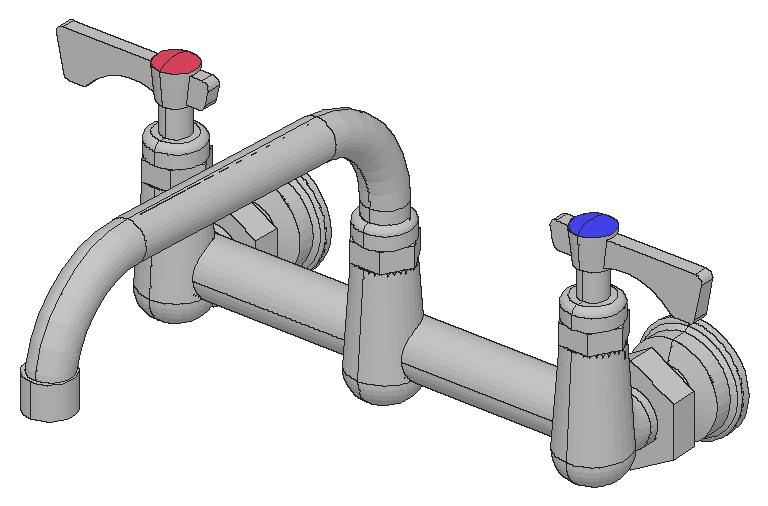
Revit family "Krowne_14-808L_WallMount_Faucet", category Plumbing Fixtures, Revit 2018
Family settings
  Round Connector Dimension = Use Diameter
  Part Type = Normal
  OmniClass Number = 23.40.40.00
  OmniClass Title = Food Service Equipment and Furnishings
  Work Plane-Based = No
  Always vertical = Yes
  Cut with Voids When Loaded = No
  Shared = No
  Room Calculation Point = No
Parameters (values of type "DefaultType")
  Width = 12"
  Weight in Pounds = 5
  Watermarked By = ""
  Waste Water Discharge Temperature [instance] = -459.67 °F
  URL Cutsheet = ""
  URL = "https://krowne.com/"
  Status [instance] = ""
  Specification by User [instance] = ""
  Specification by Manufacturer [instance] = ""
  Serial Number [instance] = ""
  Revision Code [instance] = ""
  Plumbing Remarks [instance] = ""
  Plumbing Connection Type = ""
  NAFEM Spec ID Number [instance] = ""
  Model = "14-808L"
  Masterspec [instance] = ""
  Manufacturer = "Krowne Metal"
  KCLRef = "KCL2C9,,0004c578-0000-0000-0000-000000000307,KR,14-808L ,637099801200000000,209e63ac-2424-466f-b621-ebc552f7c966,dda6812b-d105-4dc8-a279-4d678a7b0286"
  KCL SpecSheet URL = "http://kclweb.kclcad.com/imagehandler.ashx?kdoc=14-8xx&R=KR&M=14-808L%20&VC=7&TID=KCLWeb&T=doc"
  Item Number [instance] = "-"
  Installed By [instance] = ""
  Hot Water Temperature = 100 °F
  Hot Water Size = 1/2"
  Hot Water RI Height [instance] = 0"
  Hot Water Minimum Pressure = 0.00 psi
  Hot Water Maximum Pressure = 0.00 psi
  Hot Water Flow = 1.8 GPM
  Hot Water Consumption = 0 GPM
  Hot Water Connection Height = 0"
  Height = 3 15/16"
  Furnished By [instance] = ""
  Foodservice Equipment Identifier = yes
  Description = "Wall Mount Faucet"
  Depth = 1 7/8"
  Cold Water Temperature Recommended = -459.67 °F
  Cold Water Size = 1/2"
  Cold Water RI Height [instance] = 0"
  Cold Water Minimum Pressure = 0.00 psi
  Cold Water Maximum Pressure = 0.00 psi
  Cold Water Flow = 1.8 GPM
  Cold Water Consumption = ""
  Cold Water Connection Height = 0"
  CSI MasterFormat = ""
  Assembly Code = "E1090300"
Reference planes
  plane 1 "BACK": y = 0
  plane 2: z = 0
  plane 3 "LEFT": x = -471.569
  plane 4 "RIGHT": x = -166.769
  plane 5 "TOP": z = 100.013
  plane 6 "CENTER L/R": x = -319.169
  plane 7 "Top of Body": z = 44.45
  plane 8: y = -62.38
  plane 9: z = 166.688
  plane 10: z = 104.775
  plane 11: y = -266.7
Forms (mm)
  Sweep 1, solid, material "QF_Stainless-Polished"
    path origin (-319.169, 0, 0) x (0, 1, 0) y (0, 0, 1)
      loop
        line (-62.38, 44.45) -> (-62.38, 106.061)
        arc (-62.38, 106.061) -> (-74.547, 136.617) -> (-104.388, 150.444) r 44.45
        line (-104.388, 150.444) -> (-219.808, 156.794)
        arc (-219.808, 156.794) -> (-252.805, 144.694) -> (-266.7, 112.411) r 44.45
        line (-266.7, 112.411) -> (-266.7, 104.775)
    profile origin (-319.169, -62.38, 75.256) x (0, -1, 0) y (1, 0, 0)
      loop
        circle (0, 0) r 9.525
      loop
        circle (0, 0) r 6.35
  Extrusion 2, solid, material "QF_Stainless-Polished"
    sketch origin (-319.169, -266.7, 104.775) x (0, -1, 0) y (-1, 0, 0)
      loop
        circle (0, 0) r 9.525
      loop
        circle (0, 0) r 11.113
    from 0 to -15.875
Lines and regions (mm)
  symbolic lines
    curve 1: arc (-319.169, -71.905, 0) -> (-328.694, -62.38, 0) -> (-319.169, -52.855, 0) r 9.525
    curve 2: arc (-319.169, -52.855, 0) -> (-309.644, -62.38, 0) -> (-319.169, -71.905, 0) r 9.525
    curve 3: arc (-328.694, -266.7, 0) -> (-325.905, -273.435, 0) -> (-319.169, -276.225, 0) r 9.525
    curve 4: arc (-319.169, -276.225, 0) -> (-312.434, -273.435, 0) -> (-309.644, -266.7, 0) r 9.525
    curve 5: line (-328.694, -266.7, 0) -> (-328.694, -62.38, 0)
    curve 6: line (-309.644, -62.38, 0) -> (-309.644, -266.7, 0)
Dimensions and locks
  "Width": plane 3 "LEFT" to plane 4 "RIGHT"
  "Height": plane 5 "TOP" to plane 2
  plane 7 "Top of Body" to level = 1 3/4"
  equal spacing: plane 3 "LEFT", plane 6 "CENTER L/R", plane 4 "RIGHT"
  plane 11 to plane 1 "BACK" = 10 1/2"
  plane 10 to plane 5 "TOP" = 3/16"
  plane 9 to plane 5 "TOP" = 2 5/8"
  aligned and locked: level to plane 2
  aligned and locked: plane 8 to Sweep 1 sketch curve
  aligned and locked: Sweep 1 sketch curve to plane 11
  aligned and locked: plane 10 to Sweep 1 sketch curve
Automatic sketch dimensions
  curve 3 to curve 4 = 0"
  plane 11 to curve 5 = 0"
  plane 8 to curve 5 = 0"
  curve 1 to plane 6 "CENTER L/R" = 0"
  plane 8 to curve 6 = 0"
  plane 8 to curve 1 = 0"
  curve 5 to curve 3 = 3/8"
  Sweep 1 sketch curve to Sweep 1 sketch curve = 0"  (x2)
  Sweep 1 sketch curve to plane 6 "CENTER L/R" = 0"
  Sweep 1 sketch curve to profile plane = 0"
  Sweep 1 sketch curve to plane 7 "Top of Body" = 0"
  plane 10 to Sweep 1 sketch curve = 0.30065"
  Sweep 1 sketch curve to plane 9 = 0.3895"
  Sweep 1 sketch curve to Sweep 1 sketch curve = 0.09613"
  plane 10 to Sweep 1 sketch curve = 0.05065"
  Sweep 1 sketch curve to Sweep 1 sketch curve = 1 3/4"
  Sweep 1 sketch curve to plane 9 = 0.6395"
  radius of Extrusion 2 sketch curve to Sweep 1 = 0"
  radius of Sweep 1 to Extrusion 2 sketch curve = 1/16"
  radius of Sweep 1 sketch curve = 3/8"
  radius of Sweep 1 sketch curve = 1/4"
Nested families
  nested 1: "QF_Krowne_14-8_Body" at (-4.763, 0, 0), type "QF_Krowne_14-8_Body"
Connectors
  piping at (-420.769, 6.35, 37.306), diameter 12.7, driven by "Hot Water Flow", driven by "Hot Water Size"
    settings: on nested 1, index 1, connector inside diameter 24", connector length 0", flow factor 0, pipe flow 1.8 GPM, pressure drop 0.00 psi, fitting loss kfactor 0, connector angle 0.00°, fixture units 0, engagement length 0", angle of deflection 0.00°, flow configuration 1, flow direction 1, fitting loss method 0, system type 19, joint type 0, gender type 0, connector reference index -1, connector utility 0, adjustable connector no, is connector primary yes, connector description "HOT WATER"
  piping at (-217.569, 6.35, 37.306), diameter 12.7, driven by "Cold Water Flow", driven by "Cold Water Size"
    settings: on nested 1, index 2, connector inside diameter 24", connector length 0", flow factor 0, pipe flow 1.8 GPM, pressure drop 0.00 psi, fitting loss kfactor 0, connector angle 0.00°, fixture units 0, engagement length 0", angle of deflection 0.00°, flow configuration 1, flow direction 1, fitting loss method 0, system type 20, joint type 0, gender type 0, connector reference index -1, connector utility 0, adjustable connector no, is connector primary no, connector description "COLD WATER"
Definition of nested family "QF_Krowne_14-8_Body"
  Parameters (values of type "QF_Krowne_14-8_Body")
    Width = 12 3/8"
    Watermarked By = ""
    Height = 3 7/8"
    Description = ""
    Depth = 4 15/16"
  Reference planes
    plane 1 "BACK": y = 0
    plane 2: z = 0
    plane 3 "LEFT": x = -471.569
    plane 4 "RIGHT": x = -157.244
    plane 5 "TOP": z = 128.588
    plane 6 "Center": x = -314.407
    plane 7 "Left of Handle": x = -416.007
    plane 8 "Right of Handle": x = -212.807
    plane 9 "Center of Handles": y = -125.412
    plane 10 "Top of Body": z = 74.612
    plane 11: x = -444.582
    plane 12: x = -184.232
    plane 13 "Faucet Handle Center": y = -62.706
    plane 14: y = -59.531
    plane 15: y = -65.881
    plane 16: z = 37.306
  Forms (mm)
    Extrusion 1, solid
      sketch origin (0, 0, 80.962) x (0, 1, 0) y (-1, 0, 0)
        loop
          line (-62.38, 401.719) -> (-50.006, 408.863) -> (-50.006, 423.151) -> (-62.38, 430.294) -> (-74.753, 423.151) -> (-74.753, 408.863) -> (-62.38, 401.719)
        loop
          line (-62.38, 198.519) -> (-50.006, 205.663) -> (-50.006, 219.951) -> (-62.38, 227.094) -> (-74.753, 219.951) -> (-74.753, 205.663) -> (-62.38, 198.519)
        loop
          line (-62.38, 300.119) -> (-50.006, 307.263) -> (-50.006, 321.551) -> (-62.38, 328.694) -> (-74.753, 321.551) -> (-74.753, 307.263) -> (-62.38, 300.119)
      from 0 to 9.525
    Revolve 2, solid
      sketch origin (-416.007, 0, 0) x (0, 1, 0) y (0, 0, 1)
        loop
          line (-62.706, 90.488) -> (-50.006, 90.488) -> (-50.006, 96.838)
          arc (-50.006, 96.838) -> (-50.936, 99.083) -> (-53.181, 100.013) r 3.175
          line (-53.181, 100.013) -> (-62.706, 100.013) -> (-62.706, 90.488)
        axis (-62.706, 90.488) -> (-62.706, 100.013)
      angle from 0 to 360
    Revolve 3, solid
      sketch origin (-212.807, 0, 0) x (0, 1, 0) y (0, 0, 1)
        loop
          line (-62.706, 100.012) -> (-56.356, 100.012) -> (-56.356, 114.3) -> (-62.706, 114.3) -> (-62.706, 100.012)
        axis (-62.706, 100.012) -> (-62.706, 114.3)
      angle from 0 to 360
    Revolve 4, solid
      sketch origin (-416.007, 0, 0) x (0, 1, 0) y (0, 0, 1)
        loop
          line (-62.706, 100.013) -> (-56.356, 100.013) -> (-56.356, 114.3) -> (-62.706, 114.3) -> (-62.706, 100.013)
        axis (-62.706, 100.013) -> (-62.706, 114.3)
      angle from 0 to 360
    Revolve 5, solid
      sketch origin (-416.007, 0, 0) x (0, 1, 0) y (0, 0, 1)
        loop
          line (-62.706, 114.3) -> (-54.769, 114.3) -> (-53.181, 130.175) -> (-62.706, 130.175) -> (-62.706, 114.3)
        axis (-62.706, 114.3) -> (-62.706, 130.175)
      angle from 0 to 360
    Revolve 6, solid
      sketch origin (-212.807, 0, 0) x (0, 1, 0) y (0, 0, 1)
        loop
          line (-62.706, 114.3) -> (-54.769, 114.3) -> (-53.181, 130.175) -> (-62.706, 130.175) -> (-62.706, 114.3)
        axis (-62.706, 114.3) -> (-62.706, 130.175)
      angle from 0 to 360
    Revolve 7, solid
      sketch origin (-416.007, 0, 0) x (0, 1, 0) y (0, 0, 1)
        loop
          line (-62.706, 130.175) -> (-53.181, 130.175)
          arc (-53.181, 130.175) -> (-57.646, 132.655) -> (-62.706, 133.35) r 13.869
          line (-62.706, 133.35) -> (-62.706, 130.175)
        axis (-62.706, 130.175) -> (-62.706, 133.35)
      angle from 0 to 360
    Revolve 8, solid
      sketch origin (-212.807, 0, 0) x (0, 1, 0) y (0, 0, 1)
        loop
          line (-62.706, 130.175) -> (-53.181, 130.175)
          arc (-53.181, 130.175) -> (-57.646, 132.655) -> (-62.706, 133.35) r 13.869
          line (-62.706, 133.35) -> (-62.706, 130.175)
        axis (-62.706, 130.175) -> (-62.706, 133.35)
      angle from 0 to 360
    Extrusion 9, solid
      sketch origin (0, -62.706, 0) x (1, 0, 0) y (0, 0, 1)
        loop
          arc (-468.332, 128.588) -> (-470.787, 127.425) -> (-471.445, 124.79) r 3.175
          line (-471.445, 124.79) -> (-468.27, 108.916)
          arc (-468.27, 108.916) -> (-467.17, 107.083) -> (-465.157, 106.364) r 3.175
          line (-465.157, 106.364) -> (-458.81, 106.364)
          arc (-458.81, 106.364) -> (-457.469, 106.66) -> (-456.379, 107.496) r 3.175
          arc (-456.379, 107.496) -> (-441.832, 116.771) -> (-424.594, 116.065) r 28.792
          arc (-424.594, 116.065) -> (-424.065, 115.925) -> (-423.52, 115.878) r 3.175
          line (-423.52, 115.878) -> (-402.102, 115.878)
          arc (-402.102, 115.878) -> (-400.089, 116.597) -> (-398.988, 118.43) r 3.175
          line (-398.988, 118.43) -> (-397.716, 124.79)
          arc (-397.716, 124.79) -> (-398.374, 127.425) -> (-400.83, 128.588) r 3.175
          line (-400.83, 128.588) -> (-468.332, 128.588)
        loop
          line (-160.482, 128.588) -> (-227.984, 128.588)
          arc (-227.984, 128.588) -> (-230.439, 127.425) -> (-231.097, 124.79) r 3.175
          line (-231.097, 124.79) -> (-229.826, 118.43)
          arc (-229.826, 118.43) -> (-228.725, 116.597) -> (-226.712, 115.878) r 3.175
          line (-226.712, 115.878) -> (-205.294, 115.878)
          arc (-205.294, 115.878) -> (-204.749, 115.925) -> (-204.22, 116.065) r 3.175
          arc (-204.22, 116.065) -> (-186.982, 116.771) -> (-172.435, 107.496) r 28.792
          arc (-172.435, 107.496) -> (-171.345, 106.66) -> (-170.004, 106.364) r 3.175
          line (-170.004, 106.364) -> (-163.657, 106.364)
          arc (-163.657, 106.364) -> (-161.644, 107.083) -> (-160.544, 108.916) r 3.175
          line (-160.544, 108.916) -> (-157.369, 124.79)
          arc (-157.369, 124.79) -> (-158.027, 127.425) -> (-160.482, 128.588) r 3.175
      from -3.175 to 3.175
    Extrusion 10, solid
      sketch origin (0, 0, 0) x (1, 0, 0) y (0, 0, 1)
        loop
          circle (-416.007, 37.306) r 6.35
        loop
          circle (-212.807, 37.306) r 6.35
      from 0 to -6.35
    Revolve 11, solid
      sketch origin (-212.807, 0, 0) x (0, 1, 0) y (0, 0, 1)
        loop
          line (-62.706, 90.488) -> (-50.006, 90.488) -> (-50.006, 96.838)
          arc (-50.006, 96.838) -> (-50.936, 99.083) -> (-53.181, 100.013) r 3.175
          line (-53.181, 100.013) -> (-62.706, 100.013) -> (-62.706, 90.488)
        axis (-62.706, 90.488) -> (-62.706, 100.013)
      angle from 0 to 360
    Revolve 12, solid
      sketch origin (-416.007, 0, 0) x (0, 1, 0) y (0, 0, 1)
        loop
          line (0, 37.306) -> (0, 62.706) -> (-3.175, 62.706)
          arc (-3.175, 62.706) -> (-4.298, 62.241) -> (-4.762, 61.119) r 1.588
          line (-4.762, 61.119) -> (-6.75, 59.131) -> (-14.287, 59.131) -> (-17.462, 50.006) -> (-26.987, 50.006) -> (-26.988, 37.306) -> (0, 37.306)
        axis (0, 37.306) -> (-26.988, 37.306)
      angle from 0 to 360
    Revolve 13, solid
      sketch origin (-212.807, 0, 0) x (0, 1, 0) y (0, 0, 1)
        loop
          line (0, 37.306) -> (0, 62.706) -> (-3.175, 62.706)
          arc (-3.175, 62.706) -> (-4.298, 62.241) -> (-4.762, 61.119) r 1.588
          line (-4.762, 61.119) -> (-6.75, 59.131) -> (-14.287, 59.131) -> (-17.462, 50.006) -> (-26.987, 50.006) -> (-26.988, 37.306) -> (0, 37.306)
        axis (0, 37.306) -> (-26.988, 37.306)
      angle from 0 to 360
    Extrusion 14, solid
      sketch origin (-416.007, -26.988, 37.306) x (0, 0, 1) y (-1, 0, 0)
        loop
          line (11.915, -20.638) -> (23.83, 0) -> (11.915, 20.637) -> (-11.915, 20.637) -> (-23.83, 0) -> (-11.915, -20.637) -> (11.915, -20.638)
        loop
          line (11.915, -223.837) -> (23.83, -203.2) -> (11.915, -182.562) -> (-11.915, -182.562) -> (-23.83, -203.2) -> (-11.915, -223.837) -> (11.915, -223.837)
      from 0 to 12.7
    Sweep 15, solid
      path origin (-416.007, 0, 0) x (0, 1, 0) y (0, 0, 1)
        loop
          line (-26.988, 37.306) -> (-43.656, 37.306)
          arc (-43.656, 37.306) -> (-57.127, 42.886) -> (-62.706, 56.356) r 19.05
          line (-62.706, 56.356) -> (-62.706, 80.962)
      profile origin (-416.007, -35.322, 37.306) x (0, 0, -1) y (1, 0, 0)
        loop
          circle (0, 0) r 12.7
    Sweep 16, solid
      path origin (-212.807, 0, 0) x (0, 1, 0) y (0, 0, 1)
        loop
          line (-26.988, 37.306) -> (-43.656, 37.306)
          arc (-43.656, 37.306) -> (-57.127, 42.886) -> (-62.706, 56.356) r 19.05
          line (-62.706, 56.356) -> (-62.706, 80.962)
      profile origin (-212.807, -35.322, 37.306) x (0, 0, -1) y (1, 0, 0)
        loop
          circle (0, 0) r 12.7
    Extrusion 17, solid
      sketch origin (-416.007, 0, 0) x (0, 1, 0) y (0, 0, 1)
        loop
          circle (-57.127, 42.886) r 12.7
      from 0 to 203.2
    Sweep 18, solid
      path origin (-314.407, 0, 0) x (0, 1, 0) y (0, 0, 1)
        loop
          arc (-56.044, 41.884) -> (-60.961, 48.39) -> (-62.706, 56.356) r 19.05
          line (-62.706, 56.356) -> (-62.706, 80.962)
      profile origin (-314.407, -62.706, 68.659) x (0, -1, 0) y (1, 0, 0)
        loop
          circle (0, 0) r 12.7
    Revolve 19, solid
      sketch origin (-314.407, 0, 0) x (0, 1, 0) y (0, 0, 1)
        loop
          line (-62.706, 90.488) -> (-50.006, 90.488) -> (-50.006, 96.838)
          arc (-50.006, 96.838) -> (-50.936, 99.083) -> (-53.181, 100.013) r 3.175
          line (-53.181, 100.013) -> (-62.706, 100.013) -> (-62.706, 90.488)
        axis (-62.706, 90.488) -> (-62.706, 100.013)
      angle from 0 to 360
    Revolve 20, solid
      sketch origin (-416.007, 0, 0) x (0, 1, 0) y (0, 0, 1)
        loop
          line (-50.006, 80.962) -> (-62.706, 80.962) -> (-62.706, 20.044) -> (-59.365, 20.044)
          arc (-59.365, 20.044) -> (-50.077, 24.083) -> (-46.696, 33.63) r 12.7
          line (-46.696, 33.63) -> (-50.006, 80.962)
        axis (-62.706, 20.044) -> (-62.706, 80.962)
      angle from 0 to 360
    Revolve 21, solid
      sketch origin (-212.807, 0, 0) x (0, 1, 0) y (0, 0, 1)
        loop
          line (-50.006, 80.962) -> (-62.706, 80.962) -> (-62.706, 20.044) -> (-59.365, 20.044)
          arc (-59.365, 20.044) -> (-50.077, 24.083) -> (-46.696, 33.63) r 12.7
          line (-46.696, 33.63) -> (-50.006, 80.962)
        axis (-62.706, 20.044) -> (-62.706, 80.962)
      angle from 0 to 360
    Revolve 22, solid
      sketch origin (-314.407, 0, 0) x (0, 1, 0) y (0, 0, 1)
        loop
          line (-50.006, 80.962) -> (-62.706, 80.962) -> (-62.706, 20.044) -> (-59.365, 20.044)
          arc (-59.365, 20.044) -> (-50.077, 24.083) -> (-46.696, 33.63) r 12.7
          line (-46.696, 33.63) -> (-50.006, 80.962)
        axis (-62.706, 20.044) -> (-62.706, 80.962)
      angle from 0 to 360
  Lines and regions (mm)
    symbolic lines
      curve 1: line (-471.445, -59.531, 74.612) -> (-397.655, -59.531, 74.612)
      curve 2: line (-471.445, -65.881, 74.612) -> (-471.445, -59.531, 74.612)
      curve 3: line (-397.655, -65.881, 74.612) -> (-471.445, -65.881, 74.612)
      curve 4: line (-397.655, -59.531, 74.612) -> (-397.655, -65.881, 74.612)
      curve 5: line (-157.244, -59.531, 74.612) -> (-231.159, -59.531, 74.612)
      curve 6: line (-157.244, -65.881, 74.612) -> (-157.244, -59.531, 74.612)
      curve 7: line (-231.159, -65.881, 74.612) -> (-157.244, -65.881, 74.612)
      curve 8: line (-231.159, -59.531, 74.612) -> (-231.159, -65.881, 74.612)
      curve 9: line (-423.151, -50.333, 74.612) -> (-428.461, -59.531, 74.612)
      curve 10: line (-423.151, -50.333, 74.612) -> (-408.863, -50.333, 74.612)
      curve 11: line (-408.863, -50.333, 74.612) -> (-403.553, -59.531, 74.612)
      curve 12: line (-408.863, -75.08, 74.612) -> (-423.151, -75.08, 74.612)
      curve 13: line (-423.151, -75.08, 74.612) -> (-428.461, -65.881, 74.612)
      curve 14: line (-408.863, -75.08, 74.612) -> (-403.553, -65.881, 74.612)
      curve 15: line (-219.951, -50.333, 74.612) -> (-205.663, -50.333, 74.612)
      curve 16: line (-205.663, -50.333, 74.612) -> (-200.353, -59.531, 74.612)
      curve 17: line (-219.951, -50.333, 74.612) -> (-225.261, -59.531, 74.612)
      curve 18: line (-205.663, -75.08, 74.612) -> (-219.951, -75.08, 74.612)
      curve 19: line (-219.951, -75.08, 74.612) -> (-225.261, -65.881, 74.612)
      curve 20: line (-205.663, -75.08, 74.612) -> (-200.353, -65.881, 74.612)
      curve 21: line (-328.694, -62.38, 74.612) -> (-321.551, -74.753, 74.612)
      curve 22: line (-321.551, -74.753, 74.612) -> (-307.263, -74.753, 74.612)
      curve 23: line (-307.263, -74.753, 74.612) -> (-300.119, -62.38, 74.612)
      curve 24: line (-300.119, -62.38, 74.612) -> (-307.263, -50.006, 74.612)
      curve 25: line (-307.263, -50.006, 74.612) -> (-321.551, -50.006, 74.612)
      curve 26: line (-321.551, -50.006, 74.612) -> (-328.694, -62.38, 74.612)
      curve 27: line (-441.407, 0, 74.612) -> (-390.607, 0, 74.612)
      curve 28: line (-441.407, 0, 74.612) -> (-441.407, -3.175, 74.612)
      curve 29: line (-437.831, -6.75, 74.612) -> (-439.819, -4.763, 74.612)
      curve 30: arc (-439.819, -4.763, 74.612) -> (-440.942, -4.298, 74.612) -> (-441.407, -3.175, 74.612) r 1.588
      curve 31: line (-437.831, -6.75, 74.612) -> (-437.831, -14.288, 74.612)
      curve 32: line (-437.831, -14.288, 74.612) -> (-428.707, -17.463, 74.612)
      curve 33: line (-428.707, -17.463, 74.612) -> (-428.707, -26.987, 74.612)
      curve 34: line (-428.707, -26.987, 74.612) -> (-436.644, -26.987, 74.612)
      curve 35: line (-436.644, -26.987, 74.612) -> (-436.644, -39.688, 74.612)
      curve 36: line (-436.644, -39.688, 74.612) -> (-428.719, -39.687, 74.612)
      curve 37: line (-428.719, -39.687, 74.612) -> (-428.719, -59.531, 74.612)
      curve 38: line (-390.607, 0, 74.612) -> (-390.607, -3.175, 74.612)
      curve 39: line (-394.182, -6.75, 74.612) -> (-392.194, -4.763, 74.612)
      curve 40: arc (-392.194, -4.763, 74.612) -> (-391.072, -4.298, 74.612) -> (-390.607, -3.175, 74.612) r 1.588
      curve 41: line (-394.182, -6.75, 74.612) -> (-394.182, -14.288, 74.612)
      curve 42: line (-394.182, -14.288, 74.612) -> (-403.307, -17.463, 74.612)
      curve 43: line (-403.307, -17.463, 74.612) -> (-403.307, -26.987, 74.612)
      curve 44: line (-403.307, -26.987, 74.612) -> (-395.369, -26.987, 74.612)
      curve 45: line (-395.369, -26.987, 74.612) -> (-395.369, -39.688, 74.612)
      curve 46: line (-395.369, -39.688, 74.612) -> (-403.295, -39.687, 74.612)
      curve 47: line (-403.295, -39.687, 74.612) -> (-403.295, -59.531, 74.612)
      curve 48: line (-205.663, -50.333, 74.612) -> (-219.951, -50.333, 74.612)
      curve 49: line (-187.407, 0, 74.612) -> (-238.207, 0, 74.612)
      curve 50: line (-187.407, 0, 74.612) -> (-187.407, -3.175, 74.612)
      curve 51: line (-190.982, -6.75, 74.612) -> (-188.994, -4.763, 74.612)
      curve 52: arc (-188.994, -4.763, 74.612) -> (-187.872, -4.298, 74.612) -> (-187.407, -3.175, 74.612) r 1.588
      curve 53: line (-190.982, -6.75, 74.612) -> (-190.982, -14.288, 74.612)
      curve 54: line (-190.982, -14.288, 74.612) -> (-200.107, -17.463, 74.612)
      curve 55: line (-200.107, -17.463, 74.612) -> (-200.107, -26.987, 74.612)
      curve 56: line (-200.107, -26.987, 74.612) -> (-192.169, -26.987, 74.612)
      curve 57: line (-192.169, -26.987, 74.612) -> (-192.169, -39.688, 74.612)
      curve 58: line (-192.169, -39.688, 74.612) -> (-200.095, -39.687, 74.612)
      curve 59: line (-200.095, -39.687, 74.612) -> (-200.095, -59.531, 74.612)
      curve 60: line (-238.207, 0, 74.612) -> (-238.207, -3.175, 74.612)
      curve 61: line (-234.631, -6.75, 74.612) -> (-236.619, -4.763, 74.612)
      curve 62: arc (-236.619, -4.763, 74.612) -> (-237.742, -4.298, 74.612) -> (-238.207, -3.175, 74.612) r 1.588
      curve 63: line (-234.631, -6.75, 74.612) -> (-234.631, -14.288, 74.612)
      curve 64: line (-234.631, -14.288, 74.612) -> (-225.507, -17.463, 74.612)
      curve 65: line (-225.507, -17.463, 74.612) -> (-225.507, -26.987, 74.612)
      curve 66: line (-225.507, -26.987, 74.612) -> (-233.444, -26.987, 74.612)
      curve 67: line (-233.444, -26.987, 74.612) -> (-233.444, -39.688, 74.612)
      curve 68: line (-233.444, -39.688, 74.612) -> (-225.519, -39.687, 74.612)
      curve 69: line (-225.519, -39.687, 74.612) -> (-225.519, -59.531, 74.612)
      curve 70: line (-403.295, -44.504, 74.612) -> (-225.519, -44.504, 74.612)
      curve 71: line (-405.528, -69.303, 74.612) -> (-324.697, -69.303, 74.612)
      curve 72: line (-303.555, -69.303, 74.612) -> (-223.286, -69.303, 74.612)
  Dimensions and locks
    "Width": plane 3 "LEFT" to plane 4 "RIGHT"
    equal spacing: plane 3 "LEFT", plane 6 "Center", plane 4 "RIGHT"
    "Depth": plane 9 "Center of Handles" to plane 1 "BACK"
    plane 10 "Top of Body" to level = 2 15/16"
    equal spacing: plane 10 "Top of Body", plane 16, level
    locked: plane 3 "LEFT" to plane 11 at 26.988
    locked: plane 12 to plane 4 "RIGHT" at 26.988
    locked: plane 8 "Right of Handle" to plane 12 at 28.575
    locked: plane 11 to plane 7 "Left of Handle" at 28.575
    locked: plane 5 "TOP" to plane 10 "Top of Body" at 53.975
    equal spacing: plane 15, plane 13 "Faucet Handle Center", plane 14, locked at 3.175 each
    plane 15 to plane 14 = 1/4"
    equal spacing: plane 9 "Center of Handles", plane 13 "Faucet Handle Center", plane 1 "BACK"
    aligned and locked: level to plane 2
    aligned and locked: Revolve 5 sketch curve to Revolve 5 sketch curve
    aligned and locked: Revolve 6 sketch curve to Revolve 6 sketch curve
    aligned and locked: Extrusion 9 sketch curve to plane 5 "TOP"
    aligned and locked: plane 5 "TOP" to Extrusion 9 sketch curve
    aligned and locked: Extrusion 9 to plane 14
    aligned and locked: curve 1 to Extrusion 9
    aligned and locked: curve 2 to Extrusion 9
    aligned and locked: curve 3 to Extrusion 9
    aligned and locked: curve 5 to Extrusion 9
    aligned and locked: Extrusion 9 to curve 7
    aligned and locked: plane 4 "RIGHT" to curve 6
    aligned and locked: Revolve 11 sketch curve to plane 13 "Faucet Handle Center"
    aligned and locked: plane 8 "Right of Handle" to Extrusion 17
    aligned and locked: plane 13 "Faucet Handle Center" to Revolve 20 sketch curve
  Automatic sketch dimensions
    Revolve 2 sketch curve to plane 13 "Faucet Handle Center" = 0"  (x2)
    Revolve 2 sketch curve to Revolve 2 sketch curve = 3/8"
    Revolve 2 sketch curve to Revolve 2 sketch curve = 1/8"
    plane 10 "Top of Body" to Revolve 2 sketch curve = 5/8"
    Revolve 2 sketch curve to Revolve 2 sketch curve = 1/4"
    Revolve 2 sketch curve to Revolve 2 sketch curve = 0"  (x2)
    Revolve 3 sketch curve to plane 13 "Faucet Handle Center" = 0"  (x2)
    Revolve 3 sketch curve to plane 13 "Faucet Handle Center" = 1/4"
    plane 10 "Top of Body" to Revolve 3 sketch curve = 1"
    Revolve 3 sketch curve to Revolve 3 sketch curve = 9/16"
    Revolve 3 sketch curve to Revolve 3 sketch curve = 3/8"
    Revolve 3 sketch curve to Revolve 3 sketch curve = 0"
    Revolve 4 sketch curve to plane 13 "Faucet Handle Center" = 0"  (x2)
    Revolve 4 sketch curve to Revolve 4 sketch curve = 1/4"
    plane 10 "Top of Body" to Revolve 4 sketch curve = 1"
    Revolve 4 sketch curve to Revolve 4 sketch curve = 9/16"
    Revolve 4 sketch curve to Revolve 4 sketch curve = 3/8"
    Revolve 4 sketch curve to Revolve 4 sketch curve = 0"
    Revolve 5 sketch curve to plane 13 "Faucet Handle Center" = 0"
    Revolve 5 sketch curve to Revolve 5 sketch curve = 5/16"
    plane 5 "TOP" to Revolve 5 sketch curve = 1/16"
    Revolve 5 sketch curve to Revolve 5 sketch curve = 3/8"
    Revolve 5 sketch curve to plane 5 "TOP" = 9/16"
    Revolve 5 sketch curve to Revolve 5 sketch curve = 0"  (x2)
    Revolve 6 sketch curve to plane 13 "Faucet Handle Center" = 0"
    Revolve 6 sketch curve to plane 13 "Faucet Handle Center" = 5/16"
    plane 5 "TOP" to Revolve 6 sketch curve = 1/16"
    Revolve 6 sketch curve to plane 13 "Faucet Handle Center" = 3/8"
    Revolve 6 sketch curve to plane 5 "TOP" = 9/16"
    Revolve 6 sketch curve to Revolve 6 sketch curve = 0"  (x2)
    Revolve 7 sketch curve to plane 13 "Faucet Handle Center" = 0"  (x2)
    Revolve 7 sketch curve to plane 13 "Faucet Handle Center" = 0.02655"
    plane 5 "TOP" to Revolve 7 sketch curve = 1/16"
    Revolve 7 sketch curve to Revolve 7 sketch curve = 3/8"
    Revolve 7 sketch curve to plane 5 "TOP" = 0.35786"
    Revolve 7 sketch curve to Revolve 7 sketch curve = 0"  (x2)
    Revolve 8 sketch curve to plane 13 "Faucet Handle Center" = 0"  (x2)
    Revolve 8 sketch curve to plane 13 "Faucet Handle Center" = 0.02655"
    plane 5 "TOP" to Revolve 8 sketch curve = 1/16"
    Revolve 8 sketch curve to Revolve 8 sketch curve = 3/8"
    Revolve 8 sketch curve to plane 5 "TOP" = 0.35786"
    Revolve 8 sketch curve to Revolve 8 sketch curve = 0"  (x2)
    Revolve 12 sketch curve to plane 9 "Center of Handles" = 0"
    Revolve 12 sketch curve to plane 16 = 0"  (x2)
    Revolve 12 sketch curve to plane 1 "BACK" = 0"  (x2)
    plane 16 to Revolve 12 sketch curve = 1/2"
    plane 1 "BACK" to Revolve 12 sketch curve = 1 1/16"
    Revolve 12 sketch curve to Revolve 12 sketch curve = 3/8"
    Revolve 12 sketch curve to Revolve 12 sketch curve = 1/8"
    plane 1 "BACK" to Revolve 12 sketch curve = 0.26577"
    Revolve 12 sketch curve to Revolve 12 sketch curve = 0.07827"  (x2)
    Revolve 12 sketch curve to Revolve 12 sketch curve = 1/16"
    Revolve 12 sketch curve to Revolve 12 sketch curve = 0.35923"
    Revolve 13 sketch curve to plane 9 "Center of Handles" = 0"
    Revolve 13 sketch curve to plane 16 = 0"  (x2)
    Revolve 13 sketch curve to plane 1 "BACK" = 0"  (x2)
    Revolve 13 sketch curve to Revolve 13 sketch curve = 1 1/16"
    Revolve 13 sketch curve to Revolve 13 sketch curve = 3/8"
    Revolve 13 sketch curve to Revolve 13 sketch curve = 1/8"
    plane 1 "BACK" to Revolve 13 sketch curve = 0.26577"
    Revolve 13 sketch curve to Revolve 13 sketch curve = 0.07827"  (x2)
    Revolve 13 sketch curve to Revolve 13 sketch curve = 1/16"
    plane 16 to Revolve 13 sketch curve = 1/2"
    Revolve 13 sketch curve to Revolve 13 sketch curve = 0.35923"
    Revolve 12 to Extrusion 14 sketch curve = 0"
    Extrusion 14 sketch curve to Revolve 12 = 0"
    Revolve 12 to Extrusion 14 sketch curve = 8"  (x2)
    Extrusion 14 sketch curve to Extrusion 14 sketch curve = 0"
    Extrusion 14 sketch curve to Extrusion 14 sketch curve = 0.4691"  (x6)
    Extrusion 14 sketch curve to Extrusion 14 sketch curve = 0.93819"  (x4)
    Revolve 12 to Extrusion 14 sketch curve = 7 3/16"
    Revolve 12 to Extrusion 14 sketch curve = 8 13/16"
    Revolve 12 to Extrusion 14 sketch curve = 13/16"
    Extrusion 14 sketch curve to Revolve 12 = 13/16"
    plane 15 to Extrusion 1 sketch curve = 0.34928"  (x3)
    Extrusion 1 sketch curve to plane 13 "Faucet Handle Center" = 0.01286"  (x6)
    Extrusion 1 sketch curve to plane 14 = 3/8"  (x3)
    plane 8 "Right of Handle" to Extrusion 1 sketch curve = 9/16"
    plane 8 "Right of Handle" to Extrusion 1 sketch curve = 9/32"  (x2)
    Extrusion 1 sketch curve to plane 8 "Right of Handle" = 9/32"  (x2)
    Extrusion 1 sketch curve to plane 8 "Right of Handle" = 9/16"
    plane 6 "Center" to Extrusion 1 sketch curve = 9/16"
    plane 6 "Center" to Extrusion 1 sketch curve = 9/32"  (x2)
    Extrusion 1 sketch curve to plane 6 "Center" = 9/32"  (x2)
    Extrusion 1 sketch curve to Extrusion 1 sketch curve = 9/32"  (x2)
    plane 7 "Left of Handle" to Extrusion 1 sketch curve = 9/16"
    plane 7 "Left of Handle" to Extrusion 1 sketch curve = 9/32"  (x2)
    Extrusion 1 sketch curve to plane 7 "Left of Handle" = 9/32"  (x2)
    plane 3 "LEFT" to Extrusion 9 sketch curve = 0.0049"
    Extrusion 9 sketch curve to Extrusion 9 sketch curve = 0.12257"  (x5)
    plane 3 "LEFT" to Extrusion 9 sketch curve = 0.12989"
    Extrusion 9 sketch curve to Extrusion 9 sketch curve = 0.24989"  (x2)
    plane 11 to Extrusion 9 sketch curve = 0.40333"
    Extrusion 9 sketch curve to plane 7 "Left of Handle" = 0.29578"
    plane 7 "Left of Handle" to Extrusion 9 sketch curve = 0.54745"
    Extrusion 9 sketch curve to plane 5 "TOP" = 1/8"  (x2)
    Extrusion 9 sketch curve to Extrusion 9 sketch curve = 0.05007"  (x2)
    Extrusion 9 sketch curve to plane 5 "TOP" = 0.39989"
    Extrusion 9 sketch curve to plane 5 "TOP" = 0.14951"  (x4)
    Extrusion 9 sketch curve to plane 8 "Right of Handle" = 0.7201"
    plane 8 "Right of Handle" to Extrusion 9 sketch curve = 0.29578"
    Extrusion 9 sketch curve to plane 12 = 0.40333"
    Extrusion 9 sketch curve to plane 4 "RIGHT" = 0.50235"
    Extrusion 9 sketch curve to plane 4 "RIGHT" = 0.12748"
    Extrusion 9 sketch curve to plane 4 "RIGHT" = 0.0049"
    Extrusion 9 sketch curve to Extrusion 9 sketch curve = 0.25038"
    Extrusion 9 sketch curve to plane 5 "TOP" = 0.50038"
    Extrusion 9 sketch curve to Extrusion 9 sketch curve = 0.10049"
    Extrusion 9 sketch curve to plane 5 "TOP" = 0.74996"  (x2)
    Extrusion 9 sketch curve to Extrusion 9 sketch curve = 0"  (x4)
    Extrusion 9 sketch curve to Extrusion 9 sketch curve = 0.02451"  (x2)
    plane 10 "Top of Body" to Extrusion 9 sketch curve = 0.56533"  (x2)
    Extrusion 9 sketch curve to Extrusion 9 sketch curve = 1/8"  (x2)
    Extrusion 10 sketch curve to plane 7 "Left of Handle" = 0"
    Extrusion 10 sketch curve to plane 8 "Right of Handle" = 0"
    Extrusion 10 sketch curve to plane 16 = 0"  (x2)
    Revolve 11 sketch curve to plane 13 "Faucet Handle Center" = 0"
    Revolve 11 sketch curve to plane 14 = 1/4"
    Revolve 11 sketch curve to Revolve 11 sketch curve = 1/8"
    plane 10 "Top of Body" to Revolve 11 sketch curve = 5/8"
    Revolve 11 sketch curve to Revolve 11 sketch curve = 1/4"
    Revolve 11 sketch curve to Revolve 11 sketch curve = 0"  (x2)
    Sweep 15 sketch curve to plane 13 "Faucet Handle Center" = 0"
    Sweep 15 sketch curve to plane 16 = 0"
    Sweep 15 sketch curve to plane 14 = 5/8"
    Sweep 15 sketch curve to Sweep 15 sketch curve = 21/32"
    plane 10 "Top of Body" to Sweep 15 sketch curve = 1/4"
    Sweep 15 sketch curve to plane 7 "Left of Handle" = 0"
    Sweep 15 sketch curve to profile plane = 0"
    Sweep 16 sketch curve to plane 13 "Faucet Handle Center" = 0"
    Sweep 16 sketch curve to plane 16 = 0"
    Sweep 16 sketch curve to plane 14 = 5/8"
    Sweep 16 sketch curve to Sweep 16 sketch curve = 21/32"
    plane 10 "Top of Body" to Sweep 16 sketch curve = 1/4"
    Sweep 16 sketch curve to plane 8 "Right of Handle" = 0"
    Sweep 16 sketch curve to profile plane = 0"
    Extrusion 17 sketch curve to plane 14 = 0.09467"
    plane 16 to Extrusion 17 sketch curve = 0.21967"
    Sweep 18 sketch curve to plane 13 "Faucet Handle Center" = 0"
    Sweep 18 sketch curve to plane 14 = 5/8"
    Sweep 18 sketch curve to plane 10 "Top of Body" = 23/32"
    Sweep 18 sketch curve to plane 14 = 0.1373"
    plane 10 "Top of Body" to Sweep 18 sketch curve = 1/4"
    Sweep 18 sketch curve to plane 6 "Center" = 0"
    Sweep 18 sketch curve to profile plane = 0"
    Revolve 19 sketch curve to plane 13 "Faucet Handle Center" = 0"  (x2)
    Revolve 19 sketch curve to plane 14 = 1/4"
    Revolve 19 sketch curve to Revolve 19 sketch curve = 1/8"
    plane 10 "Top of Body" to Revolve 19 sketch curve = 5/8"
    Revolve 19 sketch curve to Revolve 19 sketch curve = 1/4"
    Revolve 19 sketch curve to Revolve 19 sketch curve = 0"  (x2)
    plane 1 "BACK" to curve 27 = 0"
    plane 1 "BACK" to curve 49 = 0"
    plane 15 to curve 21 = 0.34928"
    plane 15 to curve 12 = 0.36214"
    curve 23 to plane 13 "Faucet Handle Center" = 0.01286"
    curve 21 to plane 13 "Faucet Handle Center" = 0.01286"
    curve 9 to plane 14 = 0.36214"
    curve 17 to plane 14 = 0.36214"
    curve 25 to plane 14 = 3/8"
    curve 15 to curve 67 = 0.41911"
    curve 10 to curve 47 = 0.41911"
    curve 57 to plane 12 = 5/16"
    curve 15 to curve 57 = 0.41911"
    plane 11 to curve 35 = 5/16"
    curve 9 to curve 35 = 0.41911"
    curve 68 to curve 66 = 1/2"
    curve 57 to curve 57 = 1/2"
    curve 46 to curve 43 = 1/2"
    curve 36 to curve 33 = 1/2"
    curve 65 to curve 65 = 3/8"
    curve 55 to curve 54 = 3/8"
    curve 33 to curve 33 = 3/8"
    curve 43 to curve 42 = 3/8"
    curve 64 to curve 63 = 1/8"
    plane 11 to curve 32 = 0.26577"
    curve 32 to curve 32 = 1/8"
    curve 42 to curve 42 = 1/8"
    curve 54 to curve 53 = 1/8"
    plane 1 "BACK" to curve 63 = 0.26577"
    plane 1 "BACK" to curve 41 = 0.26577"
    plane 1 "BACK" to curve 51 = 0.26577"
    plane 1 "BACK" to curve 31 = 0.26577"
    curve 51 to curve 51 = 0.07827"
    curve 29 to curve 29 = 0.07827"
    curve 61 to curve 61 = 0.07827"  (x2)
    curve 39 to curve 39 = 0.07827"
    curve 62 to curve 62 = 1/16"
    curve 39 to curve 38 = 1/16"
    curve 52 to curve 52 = 1/16"
    curve 29 to curve 30 = 1/16"
    curve 50 to plane 12 = 1/8"
    curve 53 to plane 12 = 0.26577"
    curve 57 to curve 58 = 0.31203"
    curve 53 to curve 55 = 0.35923"
    plane 8 "Right of Handle" to curve 15 = 9/32"
    plane 8 "Right of Handle" to curve 18 = 9/32"
    curve 15 to plane 8 "Right of Handle" = 9/32"
    curve 18 to plane 8 "Right of Handle" = 9/32"
    curve 66 to plane 8 "Right of Handle" = 1/2"
    curve 15 to curve 68 = 0.21922"
    curve 69 to curve 8 = 0.22206"
    curve 65 to curve 66 = 5/16"
    curve 64 to curve 63 = 0.35923"
    plane 6 "Center" to curve 24 = 9/16"
    plane 6 "Center" to curve 23 = 9/32"
    plane 6 "Center" to curve 24 = 9/32"
    curve 26 to plane 6 "Center" = 9/32"
    curve 21 to plane 6 "Center" = 9/32"
    curve 21 to curve 21 = 9/32"
    plane 7 "Left of Handle" to curve 27 = 1"
    curve 40 to curve 39 = 0.07827"
    plane 7 "Left of Handle" to curve 45 = 13/16"
    plane 7 "Left of Handle" to curve 4 = 0.72253"
    curve 45 to curve 47 = 0.31203"
    curve 41 to curve 43 = 0.35923"
    plane 7 "Left of Handle" to curve 10 = 9/32"
    plane 7 "Left of Handle" to curve 12 = 9/32"
    curve 12 to plane 7 "Left of Handle" = 9/32"
    curve 10 to plane 7 "Left of Handle" = 9/32"
    curve 33 to curve 31 = 0.35923"
    curve 36 to curve 35 = 0.31203"
    curve 29 to curve 30 = 0.07827"
    plane 15 to curve 72 = 0.13473"
    plane 15 to curve 71 = 0.13473"
    curve 70 to curve 46 = 0.18961"
    curve 59 to curve 20 = 0.01014"
    curve 59 to curve 16 = 0.01014"
    curve 18 to curve 72 = 0.1313"
    curve 17 to curve 69 = 0.01014"
    curve 72 to curve 19 = 0.07779"
    curve 72 to curve 22 = 0.146"
    curve 3 to curve 14 = 0.2322"
    curve 47 to curve 11 = 0.01014"
    curve 13 to curve 37 = 0.01014"
    curve 9 to curve 37 = 0.01014"
    Revolve 20 sketch curve to plane 13 "Faucet Handle Center" = 0"
    Revolve 20 sketch curve to plane 14 = 0.00653"
    Revolve 20 sketch curve to plane 14 = 3/8"
    Revolve 20 sketch curve to plane 16 = 0.14474"
    Revolve 20 sketch curve to Revolve 20 sketch curve = 0.49878"
    Revolve 20 sketch curve to plane 16 = 0.17962"
    plane 10 "Top of Body" to Revolve 20 sketch curve = 1/4"
    level to Revolve 20 sketch curve = 0.38545"
    Revolve 20 sketch curve to Revolve 20 sketch curve = 0.07103"
    Revolve 21 sketch curve to plane 13 "Faucet Handle Center" = 0"  (x2)
    Revolve 21 sketch curve to plane 14 = 0.00653"
    Revolve 21 sketch curve to plane 14 = 3/8"
    Revolve 21 sketch curve to plane 16 = 0.14474"
    Revolve 21 sketch curve to Revolve 21 sketch curve = 0.49878"
    Revolve 21 sketch curve to plane 16 = 0.17962"
    plane 10 "Top of Body" to Revolve 21 sketch curve = 1/4"
    level to Revolve 21 sketch curve = 0.38545"
    Revolve 21 sketch curve to Revolve 21 sketch curve = 0.07103"
    Revolve 22 sketch curve to plane 13 "Faucet Handle Center" = 0"  (x2)
    Revolve 22 sketch curve to plane 14 = 0.00653"
    Revolve 22 sketch curve to plane 14 = 3/8"
    Revolve 22 sketch curve to plane 16 = 0.14474"
    Revolve 22 sketch curve to Revolve 22 sketch curve = 0.49878"
    Revolve 22 sketch curve to plane 16 = 0.17962"
    plane 10 "Top of Body" to Revolve 22 sketch curve = 1/4"
    level to Revolve 22 sketch curve = 0.38545"
    Revolve 22 sketch curve to Revolve 22 sketch curve = 0.07103"
    radius of Extrusion 10 sketch curve = 1/4"  (x2)
    radius of Sweep 15 sketch curve = 1/2"
    radius of Sweep 16 sketch curve = 1/2"
    radius of Extrusion 17 sketch curve = 1/2"
    radius of Sweep 18 sketch curve = 1/2"
